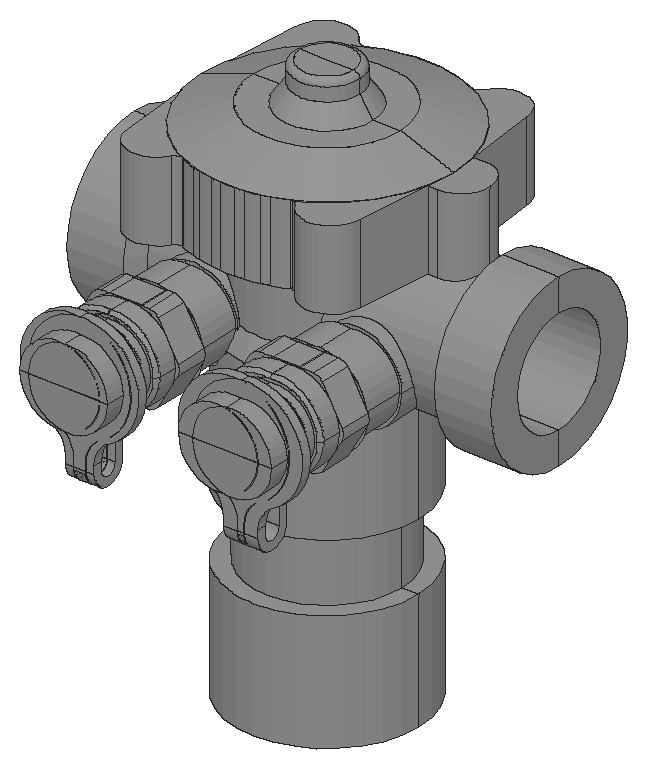
Revit family "Комби-клапан – регулятор расхода 4206_M_SMART", category Rohrzubehör, Revit 2018
Family settings
  Bemaßung runder Anschluss = Durchmesser verwenden
  Teiletyp = Unterbricht
  OmniClass-Nummer = 23.65.55.14
  OmniClass-Titel = Valves for Liquid Services
  Arbeitsebenenbasiert = Nein
  Immer vertikal = Ja
  Beim Laden mit Abzugskörper schneiden = Nein
  Gemeinsam genutzt = Nein
Parameters
  Номер заказа [instance] = size_lookup("4206M_S", "Artnr", 0, Nennweite)  # 1420621
  Мин. рабочая температура (чистая вода) = 2 °C  # constant formula
  Мин. рабочая температура (антифриз) = -20 °C  # constant formula
  Макс. перепад давления = 400000.0 Pa  # constant formula
  Макс. рабочая температура до DN32 = 130 °C  # constant formula
  Макс. рабочая температура от DN40 = 110 °C  # constant formula
  Макс. рабочее давление = 1600000.0 Pa  # constant formula
  Среда = "Качество теплоносителя в соответствии с ÖNORM H5195 и/или предписаниями VDI-Standard 2035.\nРазрешается использование смеси этилен- или пропиленгликоля в соотношении 25-50% с водой."
  URL = "www.herz-armaturen.ru"
  Шпиндель = "Нержавеющая сталь 14301"  # constant formula
  SCRNSEQ = "ARM;ARM_TYP=\"DURR\";2"
  SCRNCODE = "05;04;02"  # constant formula
  S04 [instance] = R01 * 2  # 30.00 mm
  S01 [instance] = L01 + L02  # 75.00 mm
  R02 [instance] = size_lookup("4206M_S", "R2", 9.32 mm, Nennweite)  # 9.316 mm
  R01 [instance] = size_lookup("4206M_S", "R1", 15.00 mm, Nennweite)  # 15.00 mm
  PN = 25  # constant formula
  Кольцевое уплотнение O-Ring = "EPDM"  # constant formula
  Корпус мембраны = "Латунь CW602N"  # constant formula
  Мембрана = "EPDM"  # constant formula
  L14 = 44.00 mm
  L13 = 32.00 mm
  L06 = 3.44 mm  # constant formula
  Импульсная трубка = "Медь Cu-DHP (CW024A)"  # constant formula
  Ход = 4.00 mm  # constant formula
  Hersteller = "Herz-Armaturen GmbH"  # constant formula
  H10 = 22.33 mm  # constant formula
  Корпус = "Латунь, устойчивая к селективной цинковой коррозии"  # constant formula
  Пружина = "Пружинная нержавеющая сталь"  # constant formula
  DN20 [instance] = yes
  DN15 [instance] = yes
  Защитный колпачок = "Пластик"  # constant formula
  B15 = 23.00 mm  # constant formula
  B14 = 8.73 mm  # constant formula
  B13 = 40.79 mm  # constant formula
  B12 = 36.73 mm  # constant formula
  B11 = 34.69 mm  # constant formula
  B10 = 31.75 mm  # constant formula
  B09 [instance] = size_lookup("4206M_S", "B9", 3.30 mm, Nennweite)  # 3.30 mm
  Nennweite [instance] = 15.00 mm
  L05 = 3.44 mm  # constant formula
  L04 [instance] = size_lookup("4206M_S", "L4", 12.00 mm, Nennweite)  # 12.00 mm
  L03 [instance] = size_lookup("4206M_S", "L3", 10.00 mm, Nennweite)  # 10.00 mm
  L02 = 34.00 mm  # constant formula
  L01 = 41.00 mm  # constant formula
  H09 = 1.08 mm  # constant formula
  H08 = 4.24 mm
  H07 = 28.19 mm  # constant formula
  H06 = 24.02 mm  # constant formula
  H05 = 10.06 mm  # constant formula
  H04 = 6.74 mm  # constant formula
  H03 = 3.46 mm  # constant formula
  H02 [instance] = size_lookup("4206M_S", "H2", 65.00 mm, Nennweite)  # 65.00 mm
  H01 = 35.00 mm  # constant formula
  B08 = 23.05 mm  # constant formula
  B07 [instance] = size_lookup("4206M_S", "B7", 16.50 mm, Nennweite)  # 16.50 mm
  B06 = 5.86 mm  # constant formula
  B05 = 3.70 mm  # constant formula
  B04 = 6.75 mm  # constant formula
  B03 = 7.93 mm  # constant formula
  B02 [instance] = size_lookup("4206M_S", "B2", 12.50 mm, Nennweite)  # 12.50 mm
  B01 = 41.62 mm  # constant formula
  Область применения = "Комби-клапан применяется в системах отопления и охлаждения с насосами. Комби-клапан автоматически ограничивает расход на выбранном участке системы до заданного значения, компенсируя все колебания давления. При этом нет необходимости в измерениях, а регулирование эффективно при любых условиях эксплуатации. Комби-клапан регулирует расход в соответствии с настройкой до заданного значения; на мембрану воздействует давление непосредственно до и после регулирующей части."
Reference planes
  plane 1 "Mitte (Vorne/hinten)": y = 0
  plane 2: z = 0
  plane 3 "Mitte (Links/rechts)": x = 0
Forms (mm)
  Revolve 1, solid, material "Messing, weicher Gelbton, geschweißt", detail levels fine
    sketch origin (0, 0, 0) x (1, 0, 0) y (0, 0, 1)
      loop
        line (0, -65) -> (16.292, -65) -> (16.292, -44) -> (13.292, -44) -> (13.292, -32) -> (16.292, -32) -> (16.292, -6.497) -> (14.505, -2.652) -> (14.505, 6.81) -> (22.33, 10.98) -> (22.33, 24.94) -> (12.949, 28.26) -> (8.129, 28.26) -> (5.75, 31.54) -> (5.75, 33.92)
        arc (5.75, 33.92) -> (5.434, 34.684) -> (4.67, 35) r 1.08
        line (4.67, 35) -> (0, 35) -> (0, -65)
      axis (0, 35) -> (0, -65)
    angle from 0 to 360
  Revolve 2, solid, material "Messing, weicher Gelbton, geschweißt", detail levels fine
    sketch origin (0, 0, -3.3) x (1, 0, 0) y (0, 1, 0)
      loop
        line (-20.43, -13.942) -> (-12.5, -13.942) -> (-12.5, -8.046) -> (-20.43, -8.046) -> (-20.43, -13.942)
      axis (-12.5, -8.046) -> (-12.5, -13.942)
    angle from 0 to 360
  Revolve 3, solid, material "Messing, weicher Gelbton, geschweißt", detail levels fine
    sketch origin (0, 0, 0) x (-1, 0, 0) y (0, 0, 1)
      loop
        line (34, 9.315) -> (34, 15) -> (24, 15) -> (22.317, 12) -> (0, 12) -> (-29.317, 12) -> (-31, 15) -> (-41, 15) -> (-41, 9.315) -> (-27.815, 9.315) -> (-27.815, 0) -> (20.815, 0) -> (20.815, 9.315) -> (34, 9.315)
      axis (-41, 0) -> (34, 0)
    angle from 0 to 360
  Extrusion 4, solid, material "Messing, weicher Gelbton, geschweißt", detail levels fine
    sketch origin (0, 0, 25.912) x (-1, 0, 0) y (0, -1, 0)
      loop
        arc (-20.427, -18.385) -> (-16.688, -23.223) -> (-11.063, -20.825) r 5
        arc (-11.063, -20.825) -> (-10.479, -20.304) -> (-9.74, -20.044) r 2.018
        arc (-9.74, -20.044) -> (0, -22.318) -> (9.74, -20.044) r 22
        arc (9.74, -20.044) -> (10.479, -20.304) -> (11.063, -20.825) r 2.018
        arc (11.063, -20.825) -> (16.688, -23.223) -> (20.427, -18.385) r 5
        arc (20.427, -18.385) -> (22, 0) -> (20.427, 18.385) r 108.221
        arc (20.427, 18.385) -> (16.688, 23.223) -> (11.063, 20.825) r 5
        arc (11.063, 20.825) -> (10.467, 20.297) -> (9.713, 20.04) r 2.018
        arc (9.713, 20.04) -> (0, 22.3) -> (-9.713, 20.04) r 22
        arc (-9.713, 20.04) -> (-10.467, 20.297) -> (-11.063, 20.825) r 2.018
        arc (-11.063, 20.825) -> (-16.688, 23.223) -> (-20.427, 18.385) r 5
        arc (-20.427, 18.385) -> (-21.356, 11.79) -> (-21.877, 5.15) r 108.221
        line (-21.877, 5.15) -> (-23.7, 5.15)
        arc (-23.7, 5.15) -> (-27.342, 3.642) -> (-28.85, 0) r 5.15
        arc (-28.85, 0) -> (-27.342, -3.642) -> (-23.7, -5.15) r 5.15
        line (-23.7, -5.15) -> (-21.877, -5.15)
        arc (-21.877, -5.15) -> (-21.356, -11.79) -> (-20.427, -18.385) r 108.221
    from -14.932 to -0.972
  Revolve 5, solid, material "Messing, weicher Gelbton, geschweißt", detail levels fine
    sketch origin (0, 0, -3.3) x (-1, 0, 0) y (0, -1, 0)
      loop
        line (-24.43, 13.942) -> (-24.43, 8.046) -> (-16.5, 8.046) -> (-16.5, 13.942) -> (-24.43, 13.942)
      axis (-16.5, 8.046) -> (-16.5, 13.942)
    angle from 0 to 360
Lines and regions (mm)
  model lines, detail levels coarse+medium
    curve 1: line (37.5, -15, 0) -> (37.5, 15, 0)
    curve 2: line (37.5, 15, 0) -> (-37.5, -15, 0)
    curve 3: line (-37.5, -15, 0) -> (-37.5, 15, 0)
    curve 4: line (-37.5, 15, 0) -> (37.5, -15, 0)
    curve 5: line (-37.5, 14.673, 0) -> (0, -6.74, 0)
    curve 6: line (0, -6.74, 0) -> (37.5, 14.673, 0)
    curve 7: line (0, -6.74, 0) -> (0, -24.94, 0)
    curve 8: spline (-22.33, -29.97, 0) -> (-21.569, -28.668, 0) -> (-19.338, -27.455, 0) -> (-15.79, -26.413, 0) -> (-11.165, -25.614, 0) -> (-5.779, -25.111, 0) -> (0, -24.94, 0) -> (5.779, -25.111, 0) -> (11.165, -25.614, 0) -> (15.79, -26.413, 0) -> (19.338, -27.455, 0) -> (21.569, -28.668, 0) -> (22.33, -29.97, 0) -> (21.569, -31.272, 0) -> (19.338, -32.485, 0) -> (15.79, -33.527, 0) -> (11.165, -34.326, 0) -> (5.779, -34.829, 0) -> (0, -35, 0) -> (-5.779, -34.829, 0) -> (-11.165, -34.326, 0) -> (-15.79, -33.527, 0) -> (-19.338, -32.485, 0) -> (-21.569, -31.272, 0) -> (-22.33, -29.97, 0)
    curve 9: line (-37.5, 0, 15) -> (-37.5, 0, -15)
    curve 10: line (-37.5, 0, -15) -> (37.5, 0, 15)
    curve 11: line (37.5, 0, 15) -> (37.5, 0, -15)
    curve 12: line (37.5, 0, -15) -> (-37.5, 0, 15)
    curve 13: line (37.287, 0, -14.915) -> (0, 0, 6.74)
    curve 14: line (0, 0, 6.74) -> (-37.5, 0, -15)
    curve 15: line (0, 0, 6.74) -> (0, 0, 24.94)
    curve 16: spline (-22.33, 0, 29.97) -> (-21.569, 0, 31.272) -> (-19.338, 0, 32.485) -> (-15.79, 0, 33.527) -> (-11.165, 0, 34.326) -> (-5.779, 0, 34.829) -> (0, 0, 35) -> (5.779, 0, 34.829) -> (11.165, 0, 34.326) -> (15.79, 0, 33.527) -> (19.338, 0, 32.485) -> (21.569, 0, 31.272) -> (22.33, 0, 29.97) -> (21.569, 0, 28.668) -> (19.338, 0, 27.455) -> (15.79, 0, 26.413) -> (11.165, 0, 25.614) -> (5.779, 0, 25.111) -> (0, 0, 24.94) -> (-5.779, 0, 25.111) -> (-11.165, 0, 25.614) -> (-15.79, 0, 26.413) -> (-19.338, 0, 27.455) -> (-21.569, 0, 28.668) -> (-22.33, 0, 29.97)
Dimensions and locks
  "H01": Revolve 1 sketch curve to plane 2
  "H02": plane 2 to Revolve 1 sketch curve
  "H03": Revolve 1 sketch curve to Revolve 1 sketch curve
  "H04": Revolve 1 sketch curve to Revolve 1 sketch curve
  "H05": Revolve 1 sketch curve to Revolve 1 sketch curve
  "H06": Revolve 1 sketch curve to Revolve 1 sketch curve
  "H07": Revolve 1 sketch curve to Revolve 1 sketch curve
  "H08": Revolve 1 sketch curve to Revolve 1 sketch curve
  "B03": Revolve 2 sketch curve to Revolve 2 sketch curve
  "L02": plane 3 "Mitte (Links/rechts)" to Revolve 3 sketch curve
  "L01": Revolve 3 sketch curve to plane 3 "Mitte (Links/rechts)"
  "B03": Revolve 5 sketch curve to Revolve 5 sketch curve
  "L03": Revolve 3 sketch curve to Revolve 3 sketch curve
  "L04": Revolve 3 sketch curve to plane 2
  "L05": Revolve 3 sketch curve to Revolve 3 sketch curve
  "R01": Revolve 3 sketch curve to plane 2  (x2)
  "R02": Revolve 3 sketch curve to plane 2  (x2)
  "B02": Revolve 2 sketch curve to plane 3 "Mitte (Links/rechts)"
  "B07": plane 3 "Mitte (Links/rechts)" to Revolve 5 sketch curve
  "L06": Revolve 3 sketch curve to Revolve 3 sketch curve
  "S01": curve 3 to curve 1
  "S04": curve 2 to curve 4
  "S04": curve 4 to curve 3
  equal spacing: curve 3, plane 1 "Mitte (Vorne/hinten)", curve 4
  equal spacing: curve 4, plane 1 "Mitte (Vorne/hinten)", curve 2
  equal spacing: curve 3, plane 3 "Mitte (Links/rechts)", curve 1
  "H10": curve 8 to plane 3 "Mitte (Links/rechts)" to curve 8
  "H05": curve 8 to curve 8
  "H01": curve 8 to plane 1 "Mitte (Vorne/hinten)"
  "H04": curve 7 to plane 1 "Mitte (Vorne/hinten)"
  "S04": curve 11 to curve 12
  "S04": curve 12 to curve 10
  equal spacing: curve 12, plane 2, curve 10
  equal spacing: curve 11, plane 2, curve 12
  "S01": curve 9 to curve 11
  equal spacing: curve 9, plane 3 "Mitte (Links/rechts)", curve 11
  "H04": curve 15 to plane 2
  "H05": curve 16 to curve 16
  "H10": plane 3 "Mitte (Links/rechts)" to Revolve 1 sketch curve
  "H10": plane 3 "Mitte (Links/rechts)" to curve 16
  "H10": curve 16 to plane 3 "Mitte (Links/rechts)"
  "H01": curve 16 to plane 2
  "B09": plane 2 to Revolve 2
  "B09": plane 2 to Revolve 5
  "L13": plane 2 to Revolve 1 sketch curve
  "L14": plane 2 to Revolve 1 sketch curve
  "B09": plane 2 to nested 4
  "B09": plane 2 to nested 3
  "B09": plane 2 to nested 5
  "B09": plane 2 to nested 2
  "B01": nested 4 to plane 1 "Mitte (Vorne/hinten)"
  "B01": nested 3 to plane 1 "Mitte (Vorne/hinten)"
  "B01": nested 2 to plane 1 "Mitte (Vorne/hinten)"
  "B01": nested 5 to plane 1 "Mitte (Vorne/hinten)"
  "H09": radius of Revolve 1 sketch curve
  aligned and locked: level to plane 2
  aligned and locked: Extrusion 4 to Revolve 1
  aligned and locked: Revolve 1 to Extrusion 4
Automatic sketch dimensions
  Extrusion 4 sketch curve to Extrusion 4 sketch curve = 0.00 mm  (x4)
  plane 1 "Mitte (Vorne/hinten)" to Extrusion 4 sketch curve = 0.00 mm  (x3)
  Extrusion 4 sketch curve to plane 3 "Mitte (Links/rechts)" = 0.00 mm  (x2)
  plane 3 "Mitte (Links/rechts)" to Extrusion 4 sketch curve = 9.452 mm  (x2)
  Extrusion 4 sketch curve to Extrusion 4 sketch curve = 5.975 mm  (x4)
  Extrusion 4 sketch curve to plane 1 "Mitte (Vorne/hinten)" = 5.15 mm
  Extrusion 4 sketch curve to Extrusion 4 sketch curve = 6.45 mm
  Extrusion 4 sketch curve to Extrusion 4 sketch curve = 1.823 mm
  Extrusion 4 sketch curve to Extrusion 4 sketch curve = 57.371 mm
  Extrusion 4 sketch curve to plane 3 "Mitte (Links/rechts)" = 9.452 mm  (x2)
  Extrusion 4 sketch curve to plane 1 "Mitte (Vorne/hinten)" = 18.385 mm
  Extrusion 4 sketch curve to Extrusion 4 sketch curve = 13.235 mm  (x2)
  Extrusion 4 sketch curve to Extrusion 4 sketch curve = 3.657 mm  (x4)
  Extrusion 4 sketch curve to plane 1 "Mitte (Vorne/hinten)" = 0.318 mm
  plane 1 "Mitte (Vorne/hinten)" to Extrusion 4 sketch curve = 0.30 mm
  plane 1 "Mitte (Vorne/hinten)" to Extrusion 4 sketch curve = 18.385 mm
  Extrusion 4 sketch curve to Extrusion 4 sketch curve = 0.261 mm  (x2)
  Extrusion 4 sketch curve to Extrusion 4 sketch curve = 0.288 mm  (x2)
  Extrusion 4 sketch curve to Extrusion 4 sketch curve = 1.35 mm  (x2)
  Extrusion 4 sketch curve to Extrusion 4 sketch curve = 1.323 mm  (x2)
  Extrusion 4 sketch curve to Extrusion 4 sketch curve = 5.00 mm
  curve 6 to plane 3 "Mitte (Links/rechts)" = 0.00 mm
  curve 6 to curve 1 = 0.327 mm
  curve 5 to curve 3 = 0.327 mm
  Revolve 1 sketch curve to plane 3 "Mitte (Links/rechts)" = 0.00 mm  (x2)
  plane 3 "Mitte (Links/rechts)" to Revolve 1 sketch curve = 4.67 mm
  Revolve 1 sketch curve to Revolve 1 sketch curve = 2.379 mm
  Revolve 1 sketch curve to Revolve 1 sketch curve = 4.82 mm
  plane 3 "Mitte (Links/rechts)" to Revolve 1 sketch curve = 13.292 mm
  Revolve 1 sketch curve to level = 2.652 mm
  plane 3 "Mitte (Links/rechts)" to Revolve 1 sketch curve = 14.505 mm
  Revolve 1 sketch curve to Revolve 1 sketch curve = 3.00 mm  (x2)
  Revolve 1 sketch curve to Revolve 1 sketch curve = 292.892 mm
  Revolve 1 sketch curve to Revolve 1 sketch curve = 2176.299 mm
  Revolve 2 sketch curve to Revolve 2 sketch curve = 0.00 mm  (x3)
  plane 1 "Mitte (Vorne/hinten)" to Revolve 2 sketch curve = 13.942 mm
  Revolve 2 sketch curve to Revolve 2 sketch curve = 5.896 mm
  Revolve 3 sketch curve to level = 0.00 mm  (x2)
  Revolve 3 sketch curve to plane 3 "Mitte (Links/rechts)" = 0.00 mm
  Revolve 3 sketch curve to Revolve 3 sketch curve = 10.00 mm
  Revolve 3 sketch curve to Revolve 3 sketch curve = 1.501 mm  (x2)
  Revolve 3 sketch curve to Revolve 3 sketch curve = 1315.107 mm
  Revolve 3 sketch curve to Revolve 3 sketch curve = 1862.053 mm
  Revolve 5 sketch curve to Revolve 5 sketch curve = 0.00 mm  (x3)
  plane 1 "Mitte (Vorne/hinten)" to Revolve 5 sketch curve = 8.046 mm
  Revolve 5 sketch curve to Revolve 5 sketch curve = 5.896 mm
  curve 14 to plane 3 "Mitte (Links/rechts)" = 0.00 mm
  curve 13 to level = 14.915 mm
Nested families
  nested 1: "Herz-Logo-vorne" at (0, -16.164, -15) x (0, 1, 0) z (0, 0, 1), type "Herz-Logo-vorne", detail levels fine
  nested 2: "Messstutzen_Band_Eintritt" at (16.5, -4.942, -3.3), visible <- "DN15", type "Messstutzen_Band_Eintritt"
    with Schutzkappe yes, Nennweite 0.00 mm, Gewicht 0.00 kg, Bestellnummer 0
  nested 3: "Messstutzen_Band_Austritt" at (-12.5, -4.942, -3.3), visible <- "DN15", type "Messstutzen_Band_Austritt"
    with Schutzkappe yes, Nennweite 0.00 mm, Gewicht 0.00 kg, Bestellnummer 0
  nested 4: "Messstutzen_Band_Austritt" at (-14, -4.942, -3.3), visible <- "DN20", type "Messstutzen_Band_Austritt"
    with Schutzkappe yes, Nennweite 0.00 mm, Gewicht 0.00 kg, Bestellnummer 0
  nested 5: "Messstutzen_Band_Eintritt" at (14, -4.942, -3.3), visible <- "DN20", type "Messstutzen_Band_Eintritt"
    with Schutzkappe yes, Nennweite 0.00 mm, Gewicht 0.00 kg, Bestellnummer 0
Connectors
  piping at (27.815, 0, 0), diameter 15, driven by "Nennweite"
    settings: on Revolve 3, index 1, connector inside diameter 609.6 mm, connector length 0.00 mm, flow factor 0, pipe flow 0.0 L/s, pressure drop 0.0 Pa, fitting loss kfactor 0, connector angle 0.00°, fixture units 0, engagement length 0.00 mm, angle of deflection 0.00°, flow configuration 0, flow direction 1, fitting loss method 0, system type 29, joint type 0, gender type 0, connector reference index -1, connector utility 0, adjustable connector no, is connector primary yes, connector description ""
  piping at (-20.815, 0, 0), diameter 15, driven by "Nennweite"
    settings: on Revolve 3, index 2, connector inside diameter 609.6 mm, connector length 0.00 mm, flow factor 0, pipe flow 0.0 L/s, pressure drop 0.0 Pa, fitting loss kfactor 0, connector angle 0.00°, fixture units 0, engagement length 0.00 mm, angle of deflection 0.00°, flow configuration 0, flow direction 2, fitting loss method 0, system type 29, joint type 0, gender type 0, connector reference index -1, connector utility 0, adjustable connector no, is connector primary no, connector description ""
Definition of nested family "Herz-Logo-vorne"
  Reference planes
    plane 1 "Mitte (Vorne/hinten)": y = 0
    plane 2: z = 0
    plane 3 "Mitte (Links/rechts)": x = 0
  Forms (mm)
    Extrusion 1, solid
      sketch origin (0.732, -0.018, 0.017) x (0, -1, 0) y (0, 0, 1)
        loop
          line (-0.018, -4.517) -> (4.482, -4.517) -> (4.482, 4.483) -> (-4.518, 4.483) -> (-4.518, -4.517) -> (-0.018, -4.517)
        loop
          line (-0.05, -3.48) -> (3.482, -3.48) -> (3.482, 3.483) -> (-3.518, 3.483) -> (-3.518, -3.48) -> (-0.05, -3.48)
        loop
          arc (-0.018, 2.383) -> (-1.543, 3.287) -> (-3.067, 2.383) r 1.738
          arc (-3.067, 2.383) -> (-3.191, 1.899) -> (-3.067, 1.415) r 1.009
          line (-3.067, 1.415) -> (-0.018, -3.281) -> (3.032, 1.415)
          arc (3.032, 1.415) -> (3.156, 1.899) -> (3.032, 2.383) r 1.009
          arc (3.032, 2.383) -> (1.507, 3.287) -> (-0.018, 2.383) r 1.738
        loop
          arc (1.885, 1.272) -> (2.005, 1.675) -> (1.885, 2.079) r 0.74
          arc (1.885, 2.079) -> (1.265, 2.416) -> (0.644, 2.079) r 0.74
          line (0.644, 2.079) -> (-0.018, 0.97) -> (-0.679, 2.079)
          arc (-0.679, 2.079) -> (-1.3, 2.416) -> (-1.921, 2.079) r 0.74
          arc (-1.921, 2.079) -> (-2.04, 1.675) -> (-1.921, 1.272) r 0.74
          line (-1.921, 1.272) -> (-0.018, -1.658) -> (1.885, 1.272)
      from 0 to 1.5
  Dimensions and locks
    aligned and locked: level to plane 2
Definition of nested family "Messstutzen_Band_Eintritt"
  Parameters (values of type "Messstutzen_Band_Eintritt")
    URL = "www.herz-armaturen.at"
    Schutzkappe [instance] = yes
    Nennweite [instance] = 0.00 mm
    Manufacturer = "Herz Armaturen GmbH"  # constant formula
    Gewicht [instance] = 0.00 kg
    Bestellnummer [instance] = 0
  Reference planes
    plane 1 "Mitte (Vorne/hinten)": y = 0
    plane 2: z = 0
    plane 3 "Mitte (Links/rechts)": x = 0
    plane 4 "Schlaufe 1": y = -27
    plane 5 "Schlaufe 2": y = -31.678
  Forms (mm)
    Revolve 1, solid, detail levels fine
      sketch origin (0, 0, 0) x (1, 0, 0) y (0, 1, 0)
        loop
          line (-7.4, -9) -> (-7.4, -16.5)
          arc (-7.4, -16.5) -> (-7.693, -17.207) -> (-8.4, -17.5) r 1
          line (-8.4, -17.5) -> (-2, -17.5) -> (-2, 0) -> (-5.555, 0) -> (-6.455, -0.9) -> (-6.455, -4.681) -> (-5.843, -5.293)
          arc (-5.843, -5.293) -> (-5.626, -5.617) -> (-5.55, -6) r 1
          line (-5.55, -6) -> (-5.55, -9) -> (-7.4, -9)
        loop
          line (-3.7, -27) -> (-3.7, -30.45) -> (-4.415, -30.863) -> (-4.415, -35.19) -> (-3.805, -35.8) -> (-2, -35.8) -> (-2, -23) -> (-7.9, -23) -> (-7.9, -26.4) -> (-7.3, -27) -> (-3.7, -27)
        axis (0, 0) -> (0, -35.8)
      angle from 0 to 360
    Extrusion 2, solid, detail levels fine
      sketch origin (0, -17.5, 0) x (-1, 0, 0) y (0, 0, -1)
        loop
          line (5.156, -7.07) -> (8.7, -0.93)
          arc (8.7, -0.93) -> (8.75, 0) -> (8.7, 0.93) r 8.75
          line (8.7, 0.93) -> (5.156, 7.07)
          arc (5.156, 7.07) -> (4.375, 7.578) -> (3.544, 8) r 8.75
          line (3.544, 8) -> (-3.544, 8)
          arc (-3.544, 8) -> (-4.375, 7.578) -> (-5.156, 7.07) r 8.75
          line (-5.156, 7.07) -> (-8.7, 0.93)
          arc (-8.7, 0.93) -> (-8.75, 0) -> (-8.7, -0.93) r 8.75
          line (-8.7, -0.93) -> (-5.156, -7.07)
          arc (-5.156, -7.07) -> (-4.375, -7.578) -> (-3.544, -8) r 8.75
          line (-3.544, -8) -> (3.544, -8)
          arc (3.544, -8) -> (4.375, -7.578) -> (5.156, -7.07) r 8.75
      from 0 to 5.5
    Revolve 3, solid, visible <- "Schutzkappe", detail levels fine
      sketch origin (0, 0, 0) x (1, 0, 0) y (0, 1, 0)
        loop
          line (0, -35.878) -> (-3.805, -35.878) -> (-4.415, -35.268) -> (-4.415, -30.178) -> (-6.9, -30.178) -> (-6.9, -31.678) -> (-6.1, -31.678) -> (-6.1, -33.378) -> (-7, -33.378) -> (-7, -36.678) -> (0, -36.678) -> (0, -35.878)
        axis (0, -30.178) -> (0, -36.678)
      angle from 0 to 360
    Extrusion 4, solid, detail levels fine
      sketch origin (0, -27, 0) x (0, 0, -1) y (-1, 0, 0)
        loop
          circle (0, 0) r 3.7
        loop
          arc (5.505, 3.906) -> (-6.75, 0) -> (5.505, -3.906) r 6.75
          arc (5.505, -3.906) -> (7.288, -2.358) -> (9.582, -1.8) r 5
          line (9.582, -1.8) -> (9.582, 1.8)
          arc (9.582, 1.8) -> (7.288, 2.358) -> (5.505, 3.906) r 5
      from 0 to -1.5
    Extrusion 5, solid, detail levels fine
      sketch origin (0, -31.678, 0) x (0, 0, -1) y (-1, 0, 0)
        loop
          circle (0, 0) r 6.1
        loop
          arc (8.652, 4.495) -> (-9.75, 0) -> (8.652, -4.495) r 9.75
          arc (8.652, -4.495) -> (10.493, -2.527) -> (13.089, -1.8) r 5
          line (13.089, -1.8) -> (13.089, 1.8)
          arc (13.089, 1.8) -> (10.493, 2.527) -> (8.652, 4.495) r 5
      from 0 to -1.5
    Sweep 6, solid, detail levels fine
      path origin (0, 0, 0) x (0, 1, 0) y (0, 0, 1)
        loop
          line (-27.75, -9.582) -> (-27.75, -14.522)
          arc (-27.75, -14.522) -> (-30.089, -16.862) -> (-32.428, -14.522) r 2.339
          line (-32.428, -14.522) -> (-32.428, -13.089)
      profile origin (0, -27.75, -12.052) x (1, 0, 0) y (0, 1, 0)
        loop
          line (-1.8, 0.75) -> (-1.8, -0.75) -> (1.8, -0.75) -> (1.8, 0.75) -> (-1.8, 0.75)
  Cuts and joins
    joined: Extrusion 4, Extrusion 5, Sweep 6
  Dimensions and locks
    aligned and locked: level to plane 2
Definition of nested family "Messstutzen_Band_Austritt"
  Parameters (values of type "Messstutzen_Band_Austritt")
    URL = "www.herz-armaturen.at"
    Schutzkappe [instance] = yes
    Nennweite [instance] = 0.00 mm
    Manufacturer = "Herz Armaturen GmbH"  # constant formula
    Gewicht [instance] = 0.00 kg
    Bestellnummer [instance] = 0
  Reference planes
    plane 1 "Mitte (Vorne/hinten)": y = 0
    plane 2: z = 0
    plane 3 "Mitte (Links/rechts)": x = 0
    plane 4 "Schlaufe 1": y = -27
    plane 5 "Schlaufe 2": y = -31.678
  Forms (mm)
    Revolve 1, solid, detail levels fine
      sketch origin (0, 0, 0) x (1, 0, 0) y (0, 1, 0)
        loop
          line (-7.4, -9) -> (-7.4, -16.5)
          arc (-7.4, -16.5) -> (-7.693, -17.207) -> (-8.4, -17.5) r 1
          line (-8.4, -17.5) -> (-2, -17.5) -> (-2, 0) -> (-5.555, 0) -> (-6.455, -0.9) -> (-6.455, -4.681) -> (-5.843, -5.293)
          arc (-5.843, -5.293) -> (-5.626, -5.617) -> (-5.55, -6) r 1
          line (-5.55, -6) -> (-5.55, -9) -> (-7.4, -9)
        loop
          line (-3.7, -27) -> (-3.7, -30.45) -> (-4.415, -30.863) -> (-4.415, -35.19) -> (-3.805, -35.8) -> (-2, -35.8) -> (-2, -23) -> (-7.9, -23) -> (-7.9, -26.4) -> (-7.3, -27) -> (-3.7, -27)
        axis (0, 0) -> (0, -35.8)
      angle from 0 to 360
    Extrusion 2, solid, detail levels fine
      sketch origin (0, -17.5, 0) x (-1, 0, 0) y (0, 0, -1)
        loop
          line (5.156, -7.07) -> (8.7, -0.93)
          arc (8.7, -0.93) -> (8.75, 0) -> (8.7, 0.93) r 8.75
          line (8.7, 0.93) -> (5.156, 7.07)
          arc (5.156, 7.07) -> (4.375, 7.578) -> (3.544, 8) r 8.75
          line (3.544, 8) -> (-3.544, 8)
          arc (-3.544, 8) -> (-4.375, 7.578) -> (-5.156, 7.07) r 8.75
          line (-5.156, 7.07) -> (-8.7, 0.93)
          arc (-8.7, 0.93) -> (-8.75, 0) -> (-8.7, -0.93) r 8.75
          line (-8.7, -0.93) -> (-5.156, -7.07)
          arc (-5.156, -7.07) -> (-4.375, -7.578) -> (-3.544, -8) r 8.75
          line (-3.544, -8) -> (3.544, -8)
          arc (3.544, -8) -> (4.375, -7.578) -> (5.156, -7.07) r 8.75
      from 0 to 5.5
    Revolve 3, solid, visible <- "Schutzkappe", detail levels fine
      sketch origin (0, 0, 0) x (1, 0, 0) y (0, 1, 0)
        loop
          line (0, -35.878) -> (-3.805, -35.878) -> (-4.415, -35.268) -> (-4.415, -30.178) -> (-6.9, -30.178) -> (-6.9, -31.678) -> (-6.1, -31.678) -> (-6.1, -33.378) -> (-7, -33.378) -> (-7, -36.678) -> (0, -36.678) -> (0, -35.878)
        axis (0, -30.178) -> (0, -36.678)
      angle from 0 to 360
    Extrusion 4, solid, detail levels fine
      sketch origin (0, -27, 0) x (0, 0, -1) y (-1, 0, 0)
        loop
          circle (0, 0) r 3.7
        loop
          arc (5.505, 3.906) -> (-6.75, 0) -> (5.505, -3.906) r 6.75
          arc (5.505, -3.906) -> (7.288, -2.358) -> (9.582, -1.8) r 5
          line (9.582, -1.8) -> (9.582, 1.8)
          arc (9.582, 1.8) -> (7.288, 2.358) -> (5.505, 3.906) r 5
      from 0 to -1.5
    Extrusion 5, solid, detail levels fine
      sketch origin (0, -31.678, 0) x (0, 0, -1) y (-1, 0, 0)
        loop
          circle (0, 0) r 6.1
        loop
          arc (8.652, 4.495) -> (-9.75, 0) -> (8.652, -4.495) r 9.75
          arc (8.652, -4.495) -> (10.493, -2.527) -> (13.089, -1.8) r 5
          line (13.089, -1.8) -> (13.089, 1.8)
          arc (13.089, 1.8) -> (10.493, 2.527) -> (8.652, 4.495) r 5
      from 0 to -1.5
    Sweep 6, solid, detail levels fine
      path origin (0, 0, 0) x (0, 1, 0) y (0, 0, 1)
        loop
          line (-27.75, -9.582) -> (-27.75, -14.522)
          arc (-27.75, -14.522) -> (-30.089, -16.862) -> (-32.428, -14.522) r 2.339
          line (-32.428, -14.522) -> (-32.428, -13.089)
      profile origin (0, -27.75, -12.052) x (1, 0, 0) y (0, 1, 0)
        loop
          line (-1.8, 0.75) -> (-1.8, -0.75) -> (1.8, -0.75) -> (1.8, 0.75) -> (-1.8, 0.75)
  Cuts and joins
    joined: Extrusion 4, Extrusion 5, Sweep 6
  Dimensions and locks
    aligned and locked: level to plane 2
